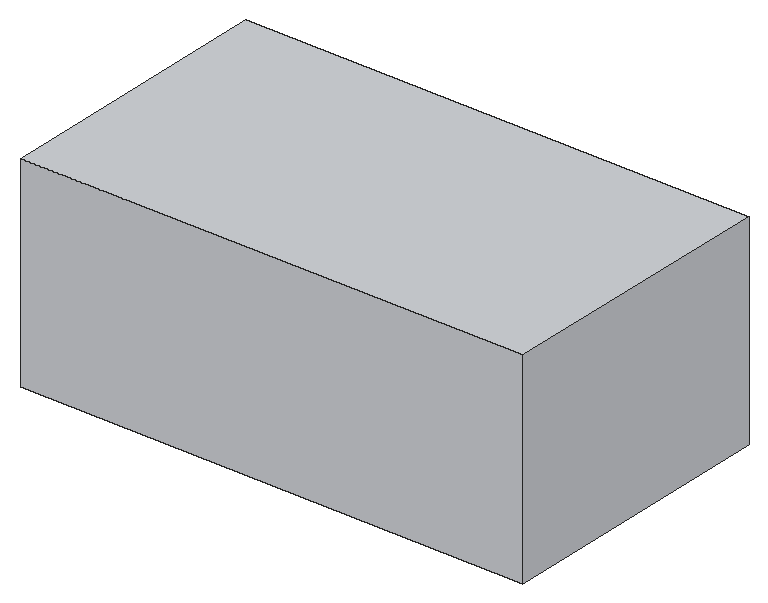
Revit family "Arent-Generic Models-Box", category Generic Models, Revit 2021
Family settings
  Can host rebar = No
  Round Connector Dimension = Use Diameter
  Part Type = Normal
  Work Plane-Based = No
  Always vertical = Yes
  Cut with Voids When Loaded = No
  Shared = No
  Room Calculation Point = No
Parameters (values of type "Generic")
  高さ [instance] = 1354.309 mm
  幅 [instance] = 3320 mm
  奥行き [instance] = 1868.082 mm
  Default Elevation = 0 mm
  Arent-Width [instance] = 幅  # 3320 mm
  Arent-Offset [instance] = 8000 mm
  Arent-Length [instance] = 奥行き  # 1868.082 mm
  Arent-Height [instance] = 高さ  # 1354.309 mm
Reference planes
  plane 1 "Center (Front/Back)": y = 0
  plane 2: z = 0
  plane 3 "Center (Left/Right)": x = 0
  plane 4: y = 934.041
  plane 5: y = -934.041
  plane 6: x = -1660
  plane 7: x = 1660
  plane 8: z = 9354.309
  plane 9: z = 8000
Forms (mm)
  Extrusion 1, solid
    sketch origin (0, 0, 0) x (1, 0, 0) y (0, 1, 0)
      loop
        line (-1660, 934.041) -> (-1660, -934.041) -> (1660, -934.041) -> (1660, 934.041) -> (-1660, 934.041)
    from 8000 to 9354.309
Lines and regions (mm)
  symbolic lines, style "Arrent-Clearance"
    curve 1: line (-1660, 934.041, 0) -> (1660, 934.041, 0)
    curve 2: line (-1660, -934.041, 0) -> (-1660, 934.041, 0)
    curve 3: line (1660, -934.041, 0) -> (-1660, -934.041, 0)
    curve 4: line (1660, 934.041, 0) -> (1660, -934.041, 0)
Dimensions and locks
  equal spacing: plane 4, plane 1 "Center (Front/Back)", plane 5
  equal spacing: plane 6, plane 3 "Center (Left/Right)", plane 7
  "幅": plane 6 to plane 7
  "奥行き": plane 4 to plane 5
  "Arent-Offset": plane 9 to level
  "高さ": plane 8 to plane 9
  aligned and locked: level to plane 2
  aligned and locked: plane 4 to Extrusion 1
  aligned and locked: Extrusion 1 to plane 6
  aligned and locked: plane 5 to Extrusion 1
  aligned and locked: plane 7 to Extrusion 1
  aligned and locked: plane 8 to Extrusion 1
  aligned and locked: Extrusion 1 to plane 9
  aligned and locked: curve 1 to plane 4
  aligned and locked: plane 6 to curve 2
  aligned and locked: plane 5 to curve 3
  aligned and locked: curve 4 to plane 7
Automatic sketch dimensions
  Extrusion 1 sketch curve to plane 5 = 0 mm
  Extrusion 1 sketch curve to plane 6 = 0 mm
  Extrusion 1 sketch curve to plane 7 = 0 mm
  Extrusion 1 sketch curve to plane 4 = 0 mm
